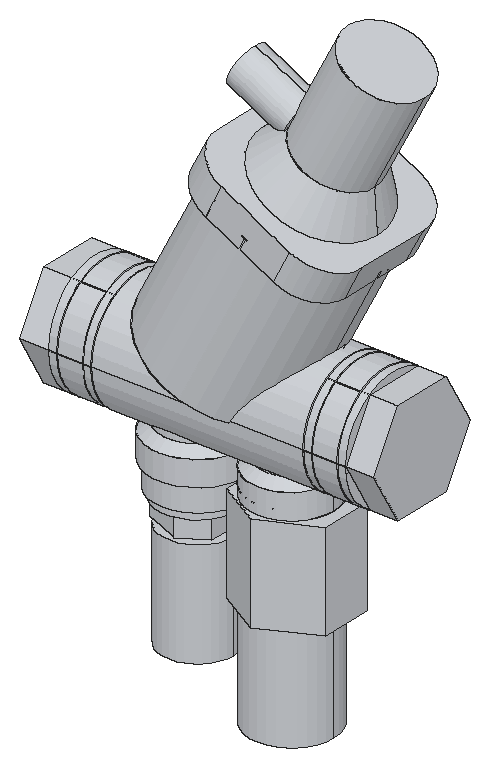
Revit family "PV_Compact_DN025_ 5-30_FF_měř-vyp_RFA_2018", category Pipe Accessories, Revit 2018
Family settings
  Round Connector Dimension = Use Diameter
  Part Type = Valve - Breaks Into
  Work Plane-Based = No
  Always vertical = Yes
  Cut with Voids When Loaded = No
  Shared = No
Parameters (values of type "PV Compact DN25 FF s měřením a vypouštěním ( 5-30kPa)")
  magiProductId = "40b783a088714ff8af367f7ba18a04"
  magiProductFamilyId = "88c57951ecb64b5d83dd1d4eb8fc72"
  magiPartTypeId = 304
  isMeasuringValve [instance] = no
  ang2D [instance] = 0.00°
  Z7 = 15 mm
  Z6 = 25.5 mm
  Z5 = 59.5 mm
  Z4 = 51 mm
  Z3 = 8.5 mm
  Z2 = 42.5 mm
  XR3 = 30 mm
  XR2 = 25 mm
  XR1 = 13 mm
  W2D = 15 mm
  VersionID = "2.0/2018.12.13.2/FRESE_PV_COMPACT_PLUG_Q13_001"
  Use Minimum Symbol Size [instance] = no
  URL = "www.hydronic.cz"
  Type Comments = "závitový s vnitřním závitem; s měřicí vsuvkou a vypouštěním; PN25; dpmax=450kPa; -10~+120°C"
  R5 = 5 mm
  R4 = 15 mm
  R3 = 10 mm
  R2 = 14 mm
  R1 = 19 mm
  QmdConnectorList = "301;D;302;D"
  Productdata [instance] = ""
  PH__ve = -PH  # -22.8 mm
  PH = 22.8 mm
  NL__ve = -NL  # -16.6 mm
  NL = 16.6 mm
  Manufacturer = "Hydronic Systems Prague s.r.o."
  MC Use Limits From Balancing Method = no
  MC Throttling Minimum Value = 0
  MC Throttling Maximum Value = 0
  MC Product Code = "53-3251 DN25; FF; nastavitelný rozsah dp=5~30kPa; Q=600~2100l/h;  kvs=4,0"
  MC Pressure Drop Minimum Value = 0.0 Pa
  MC Pressure Drop Maximum Value = 0.0 Pa
  MC Piping Given Pressure Drop [instance] = 0.0 Pa
  M5 = 34.9 mm
  M4 = 32.9 mm
  M3 = 26.9 mm
  M2 = 24.9 mm
  LP = 41.5 mm
  LM = 49.8 mm
  LL__ve = -LL  # -5.9 mm
  LLT__ve = -LLT  # -16.3 mm
  LLT = 16.3 mm
  LL2 = 34 mm
  LL = 5.9 mm
  L3 = 11 mm
  L2D_Min = 30.48 mm
  L2D = 65 mm
  Description = "Nastavitelný regulátor tlakové diference"
  DR1 = yes
  DR0 = no
  DL2 = 68 mm
  D = 25 mm
  CenSd_R2_6 = R2 * cos(30.00°)  # 12.124 mm
  CAT0 = yes
  C0D1 = yes
  C0D0 = no
Types (10, lengths in mm): name | magiProductId | Z6 | Z5 | Z4 | Z3 | Z2 | XR3 | XR2 | XR1 | R2 | R1 | PH__ve | PH | NL__ve | NL | MC Product Code | M5 | M4 | M3 | M2 | LP | LM | LL__ve | LLT__ve | LLT | LL2 | LL | L3 | DL2 | D | CenSd_R2_6
  PV Compact DN15 FF s měřením a vypouštěním (20-60kPa) | "ebd4dd38c61a47e78db1b31e427098" | 24.6 | 57.4 | 49.2 | 8.2 | 41 | 30 | 25 | 13 | 14 | 19 | -22.4 | 22.4 | -15 | 15 | "53-3243 DN15; FF; nastavitelný rozsah dp=20~60kPa; Q=100~1000l/h;  kvs=2,9" | 32.5 | 30.5 | 24.5 | 22.5 | 37.5 | 45 | -5.7 | -14.9 | 14.9 | 32 | 5.7 | 11 | 66 | 15 | 12.124
  PV Compact DN15 FF s měřením a vypouštěním ( 5-30kPa) | "1e13aaf8f1b54965adca1ab26bd771" | 24.6 | 57.4 | 49.2 | 8.2 | 41 | 30 | 25 | 13 | 14 | 19 | -22.4 | 22.4 | -15 | 15 | "53-3242 DN15; FF; nastavitelný rozsah dp=5~30kPa; Q=50~600l/h;  kvs=2,9" | 32.5 | 30.5 | 24.5 | 22.5 | 37.5 | 45 | -5.7 | -14.9 | 14.9 | 32 | 5.7 | 11 | 66 | 15 | 12.124
  PV Compact DN20 FF s měřením a vypouštěním (20-60kPa) | "6d4e29c475624129ae1d8630218e83" | 24.6 | 57.4 | 49.2 | 8.2 | 41 | 30 | 25 | 13 | 14 | 19 | -22.4 | 22.4 | -15.8 | 15.8 | "53-3245 DN20; FF; nastavitelný rozsah dp=20~60kPa; Q=150~2000l/h;  kvs=3,5" | 33.7 | 31.7 | 25.7 | 23.7 | 39.5 | 47.4 | -5.7 | -14.9 | 14.9 | 32 | 5.7 | 11 | 66 | 20 | 12.124
  PV Compact DN20 FF s měřením a vypouštěním ( 5-30kPa) | "3c7d936801344d2a9486b3d5f20c15" | 24.6 | 57.4 | 49.2 | 8.2 | 41 | 30 | 25 | 13 | 14 | 19 | -22.4 | 22.4 | -15.8 | 15.8 | "53-3244 DN20; FF; nastavitelný rozsah dp=5~30kPa; Q=100~1000l/h;  kvs=3,5" | 33.7 | 31.7 | 25.7 | 23.7 | 39.5 | 47.4 | -5.7 | -14.9 | 14.9 | 32 | 5.7 | 11 | 66 | 20 | 12.124
  PV Compact DN25 FF s měřením a vypouštěním ( 5-30kPa) | "40b783a088714ff8af367f7ba18a04" | 25.5 | 59.5 | 51 | 8.5 | 42.5 | 30 | 25 | 13 | 14 | 19 | -22.8 | 22.8 | -16.6 | 16.6 | "53-3251 DN25; FF; nastavitelný rozsah dp=5~30kPa; Q=600~2100l/h;  kvs=4,0" | 34.9 | 32.9 | 26.9 | 24.9 | 41.5 | 49.8 | -5.9 | -16.3 | 16.3 | 34 | 5.9 | 11 | 68 | 25 | 12.124
  PV Compact DN25L FF s měřením a vypouštěním (20-80kPa) | "7052257d0cc94620b8f60c4ac85ccd" | 40.2 | 93.8 | 80.4 | 13.4 | 67 | 42.5 | 37.5 | 25.5 | 26.5 | 31.5 | -23.6 | 23.6 | -20 | 20 | "53-3247 DN25; FF; nastavitelný rozsah dp=20~80kPa; Q=750~4200l/h;  kvs=8,7" | 40 | 38 | 32 | 30 | 50 | 60 | -6.3 | -19.1 | 19.1 | 38 | 6.3 | 11 | 72 | 25 | 22.95
  PV Compact DN25L FF s měřením a vypouštěním ( 5-30kPa) | "006ff7ff77e34fd39e52f3f4c37192" | 40.2 | 93.8 | 80.4 | 13.4 | 67 | 42.5 | 37.5 | 25.5 | 26.5 | 31.5 | -23.6 | 23.6 | -20 | 20 | "53-3246 DN25L; FF; nastavitelný rozsah dp=5~30kPa; Q=600~2500l/h;  kvs=8,7" | 40 | 38 | 32 | 30 | 50 | 60 | -6.3 | -19.1 | 19.1 | 38 | 6.3 | 11 | 72 | 25 | 22.95
  PV Compact DN32 FF s měřením a vypouštěním (20-80kPa) | "e53839f5e58040c69ad69dcf8b7122" | 40.2 | 93.8 | 80.4 | 13.4 | 67 | 42.5 | 37.5 | 25.5 | 26.5 | 31.5 | -24.6 | 24.6 | -20.8 | 20.8 | "53-3248 DN32; FF; nastavitelný rozsah dp=20~80kPa; Q=1000~5000l/h;  kvs=10,1" | 41.2 | 39.2 | 33.2 | 31.2 | 52 | 62.4 | -6.8 | -22.6 | 22.6 | 43 | 6.8 | 25 | 77 | 32 | 22.95
  PV Compact DN40 FF s měřením a vypouštěním (20-80kPa) | "edae53f0ee9843aa9c005a0dbc2db4" | 46.8 | 109.2 | 93.6 | 15.6 | 78 | 42.5 | 37.5 | 25.5 | 26.5 | 31.5 | -25.2 | 25.2 | -27.6 | 27.6 | "53-3249 DN40; FF; nastavitelný rozsah dp=20~80kPa; Q=3000~8000l/h;  kvs=15,8" | 51.4 | 49.4 | 43.4 | 41.4 | 69 | 82.8 | -7.1 | -24.7 | 24.7 | 46 | 7.1 | 25 | 80 | 40 | 22.95
  PV Compact DN50 FF s měřením a vypouštěním (20-80kPa) | "7572286e99104aaeaae4a504f9a6dd" | 46.8 | 109.2 | 93.6 | 15.6 | 78 | 42.5 | 37.5 | 25.5 | 35.25 | 31.5 | -26.4 | 26.4 | -27.6 | 27.6 | "53-3250 DN50; FF; nastavitelný rozsah dp=20~80kPa; Q=5000~11500l/h;  kvs=16,2" | 51.4 | 49.4 | 43.4 | 41.4 | 69 | 82.8 | -7.7 | -28.9 | 28.9 | 52 | 7.7 | 25 | 86 | 50 | 30.527
Reference planes
  plane 1 "Center (Front/Back)": y = 0
  plane 2 "XYPLANE": z = 0
  plane 3 "Center (Left/Right)": x = 0
  plane 4 "408": x = 41.5
  plane 5 "407": x = -41.5
  plane 6 "402": z = -68
  plane 7 "213": x = 11
  plane 8 "168": z = -12.3
  plane 9 "167": z = -14.3
  plane 10 "166": z = -20.2
  plane 11 "165": z = -26.1
  plane 12 "164": z = -28.1
  plane 13 "154": z = 0
  plane 14 "152": y = 0
  plane 15 "151": z = -34
  plane 16 "150": x = -11
  plane 17 "75": through (318.218, 0, 679.605) normal (0.891, 0, -0.454)
  plane 18 "74": x = 34.9
  plane 19 "73": x = 32.9
  plane 20 "72": x = 26.9
  plane 21 "71": x = 24.9
  plane 22 "70": x = -34.9
  plane 23 "69": x = -32.9
  plane 24 "68": x = -26.9
  plane 25 "67": y = 0
  plane 26 "66": through (-666.893, 0, 343.166) normal (0.454, 0, 0.891)
  plane 27 "65": x = -24.9
  plane 28 "64": through (335.147, 0, 670.979) normal (0.891, 0, -0.454)
  plane 29 "63": through (-648.96, 0, 378.361) normal (0.454, 0, 0.891)
  plane 30 "62": through (352.076, 0, 662.353) normal (0.891, 0, -0.454)
  plane 31 "61": y = 19
  plane 32 "60": y = -19
  plane 33 "59": through (-645.101, 0, 385.934) normal (0.454, 0, 0.891)
  plane 34 "58": through (-641.242, 0, 393.508) normal (0.454, 0, 0.891)
  plane 35 "57": through (313.763, 0, 681.875) normal (0.891, 0, -0.454)
  plane 36 "56": x = 0
  plane 37 "55": through (-668.255, 0, 340.493) normal (0.454, 0, 0.891)
  plane 38 "102XY": through (-668.255, 0, 340.493) normal (0.454, 0, 0.891)
  plane 39 "102XZ": y = 0
  plane 40 "102YZ": through (340.493, 0, 668.255) normal (0.891, 0, -0.454)
Forms (mm)
  Extrusion 1, solid
    sketch origin (41.5, -750, 0) x (0, 1, 0) y (0, 0, 1)
      loop
        line (764, 0) -> (757, 12.124) -> (743, 12.124) -> (736, 0) -> (743, -12.124) -> (757, -12.124) -> (764, 0)
    from 0 to -16.6 <- "NL__ve"
  Extrusion 2, solid
    sketch origin (-41.5, -750, 0) x (0, 1, 0) y (0, 0, 1)
      loop
        line (736, 0) -> (743, -12.124) -> (757, -12.124) -> (764, 0) -> (757, 12.124) -> (743, 12.124) -> (736, 0)
    from 0 to 16.6 <- "NL"
  Extrusion 3, solid, visible <- "C0D1"
    sketch origin (-750, 0, -68) x (1, 0, 0) y (0, 1, 0)
      loop
        circle (761, 0) r 10
    from 0 to 50
  Extrusion 4, solid, visible <- "DR1"
    sketch origin (-750, 0, -20.2) x (1, 0, 0) y (0, 1, 0)
      loop
        line (761, -12) -> (773.792, -6) -> (773.792, 6) -> (761, 12) -> (750.608, 6) -> (750.608, -6) -> (761, -12)
    from 0 to -22.8 <- "PH__ve"
  Extrusion 5, solid, visible <- "DR1"
    sketch origin (-750, 0, -20.2) x (1, 0, 0) y (0, 1, 0)
      loop
        circle (761, 0) r 10
    from 0 to 5.9 <- "LL"
  Blend 6, solid, visible <- "DR1"
    base sketch origin (-750, 0, -12.3) x (1, 0, 0) y (0, 1, 0)
      loop
        circle (761, 0) r 7.5
    top sketch origin (-750, 0, -12.3) x (1, 0, 0) y (0, 1, 0)
      loop
        circle (761, 0) r 10
    from 0 to -2
  Extrusion 7, solid, visible <- "DR1"
    sketch origin (-750, 0, 0) x (1, 0, 0) y (0, 1, 0)
      loop
        circle (761, 0) r 7.5
    from 0 to -16.3 <- "LLT__ve"
  Extrusion 8, solid, visible <- "C0D0"
    sketch origin (-750, 0, -34) x (1, 0, 0) y (0, 1, 0)
      loop
        circle (761, 0) r 6
    from 0 to -25
  Extrusion 9, solid, visible <- "DR0"
    sketch origin (-750, 0, -28.1) x (1, 0, 0) y (0, 1, 0)
      loop
        line (761, -7) -> (769.462, -3.5) -> (769.462, 3.5) -> (761, 7) -> (754.938, 3.5) -> (754.938, -3.5) -> (761, -7)
    from 0 to -5.9 <- "LL__ve"
  Extrusion 10, solid, visible <- "DR0"
    sketch origin (-750, 0, -28.1) x (1, 0, 0) y (0, 1, 0)
      loop
        circle (761, 0) r 7
    from 0 to 2
  Extrusion 11, solid, visible <- "DR0"
    sketch origin (-750, 0, -20.2) x (1, 0, 0) y (0, 1, 0)
      loop
        circle (761, 0) r 9
    from 0 to 5.9 <- "LL"
  Blend 12, solid, visible <- "DR0"
    base sketch origin (-750, 0, -12.3) x (1, 0, 0) y (0, 1, 0)
      loop
        circle (761, 0) r 6.5
    top sketch origin (-750, 0, -12.3) x (1, 0, 0) y (0, 1, 0)
      loop
        circle (761, 0) r 9
    from 0 to -2
  Extrusion 13, solid, visible <- "DR0"
    sketch origin (-750, 0, 0) x (1, 0, 0) y (0, 1, 0)
      loop
        circle (761, 0) r 6.5
    from 0 to -16.3 <- "LLT__ve"
  Extrusion 14, solid, visible <- "DR0"
    sketch origin (-750, 0, 0) x (1, 0, 0) y (0, 1, 0)
      loop
        circle (761, 0) r 6.5
    from 0 to -16.3 <- "LLT__ve"
  Blend 15, solid, visible <- "DR0"
    base sketch origin (-750, 0, -12.3) x (1, 0, 0) y (0, 1, 0)
      loop
        circle (761, 0) r 6.5
    top sketch origin (-750, 0, -12.3) x (1, 0, 0) y (0, 1, 0)
      loop
        circle (761, 0) r 9
    from 0 to -2
  Extrusion 16, solid, visible <- "DR0"
    sketch origin (-750, 0, -20.2) x (1, 0, 0) y (0, 1, 0)
      loop
        circle (761, 0) r 9
    from 0 to 5.9 <- "LL"
  Extrusion 17, solid, visible <- "DR0"
    sketch origin (-750, 0, -26.1) x (1, 0, 0) y (0, 1, 0)
      loop
        circle (761, 0) r 8
    from 0 to 5.9 <- "LL"
  Extrusion 18, solid, visible <- "DR0"
    sketch origin (-750, 0, -28.1) x (1, 0, 0) y (0, 1, 0)
      loop
        circle (761, 0) r 7
    from 0 to 2
  Extrusion 19, solid, visible <- "DR0"
    sketch origin (-750, 0, -28.1) x (1, 0, 0) y (0, 1, 0)
      loop
        line (761, -7) -> (769.462, -3.5) -> (769.462, 3.5) -> (761, 7) -> (754.938, 3.5) -> (754.938, -3.5) -> (761, -7)
    from 0 to -5.9 <- "LL__ve"
  Extrusion 20, solid, visible <- "C0D0"
    sketch origin (-750, 0, -34) x (1, 0, 0) y (0, 1, 0)
      loop
        circle (761, 0) r 6
    from 0 to -25
  Extrusion 21, solid, visible <- "CAT0"
    sketch origin (-750, 0, -34) x (1, 0, 0) y (0, 1, 0)
      loop
        circle (739, 0) r 8.4
    from 0 to -25
  Extrusion 22, solid
    sketch origin (-750, 0, -28.1) x (1, 0, 0) y (0, 1, 0)
      loop
        line (739, -7) -> (745.062, -3.5) -> (745.062, 3.5) -> (739, 7) -> (730.538, 3.5) -> (730.538, -3.5) -> (739, -7)
    from 0 to -5.9 <- "LL__ve"
  Extrusion 23, solid
    sketch origin (-750, 0, -28.1) x (1, 0, 0) y (0, 1, 0)
      loop
        circle (739, 0) r 9.4
    from 0 to 2
  Extrusion 24, solid
    sketch origin (-750, 0, -26.1) x (1, 0, 0) y (0, 1, 0)
      loop
        circle (739, 0) r 10.4
    from 0 to 5.9 <- "LL"
  Extrusion 25, solid
    sketch origin (-750, 0, -20.2) x (1, 0, 0) y (0, 1, 0)
      loop
        circle (739, 0) r 11.4
    from 0 to 5.9 <- "LL"
  Blend 26, solid
    base sketch origin (-750, 0, -12.3) x (1, 0, 0) y (0, 1, 0)
      loop
        circle (739, 0) r 8.9
    top sketch origin (-750, 0, -12.3) x (1, 0, 0) y (0, 1, 0)
      loop
        circle (739, 0) r 11.4
    from 0 to -2
  Extrusion 27, solid
    sketch origin (-750, 0, 0) x (1, 0, 0) y (0, 1, 0)
      loop
        circle (739, 0) r 8.9
    from 0 to -16.3 <- "LLT__ve"
  Blend 28, solid, visible <- "CAT0"
    base sketch origin (32.9, -750, 0) x (0, 1, 0) y (0, 0, 1)
      loop
        circle (750, 0) r 14
    top sketch origin (32.9, -750, 0) x (0, 1, 0) y (0, 0, 1)
      loop
        circle (750, 0) r 14
    from 0 to 2
  Extrusion 29, solid, visible <- "CAT0"
    sketch origin (26.9, -750, 0) x (0, 1, 0) y (0, 0, 1)
      loop
        circle (750, 0) r 14
    from 0 to 6
  Blend 30, solid, visible <- "CAT0"
    base sketch origin (24.9, -750, 0) x (0, 1, 0) y (0, 0, 1)
      loop
        circle (750, 0) r 14
    top sketch origin (24.9, -750, 0) x (0, 1, 0) y (0, 0, 1)
      loop
        circle (750, 0) r 14
    from 0 to 2
  Blend 31, solid, visible <- "CAT0"
    base sketch origin (-32.9, -750, 0) x (0, 1, 0) y (0, 0, 1)
      loop
        circle (750, 0) r 14
    top sketch origin (-32.9, -750, 0) x (0, 1, 0) y (0, 0, 1)
      loop
        circle (750, 0) r 14
    from 0 to -2
  Extrusion 32, solid, visible <- "CAT0"
    sketch origin (-32.9, -750, 0) x (0, 1, 0) y (0, 0, 1)
      loop
        circle (750, 0) r 14
    from 0 to 6
  Blend 33, solid, visible <- "CAT0"
    base sketch origin (-26.9, -750, 0) x (0, 1, 0) y (0, 0, 1)
      loop
        circle (750, 0) r 14
    top sketch origin (-26.9, -750, 0) x (0, 1, 0) y (0, 0, 1)
      loop
        circle (750, 0) r 14
    from 0 to 2
  Extrusion 34, solid, visible <- "CAT0"
    sketch origin (-24.9, -750, 0) x (0, 1, 0) y (0, 0, 1)
      loop
        circle (750, 0) r 14
    from 0 to 49.8 <- "LM"
  Extrusion 35, solid, visible <- "CAT0"
    sketch origin (-666.893, 0, 343.166) x (0.891007, 0, -0.45399) y (0, 1, 0)
      loop
        circle (744, 0) r 19
    from 0 to 42.5 <- "Z2"
  Extrusion 36, solid, visible <- "CAT0"
    sketch origin (-648.96, 0, 378.361) x (0.891007, 0, -0.45399) y (0, 1, 0)
      loop
        arc (735, 19) -> (727.929, 16.071) -> (725, 9) r 10
        line (725, 9) -> (725, -9)
        arc (725, -9) -> (727.929, -16.071) -> (735, -19) r 10
        line (735, -19) -> (753, -19)
        arc (753, -19) -> (760.071, -16.071) -> (763, -9) r 10
        line (763, -9) -> (763, 9)
        arc (763, 9) -> (760.071, 16.071) -> (753, 19) r 10
        line (753, 19) -> (735, 19)
    from 0 to 8.5 <- "Z3"
  Blend 37, solid, visible <- "CAT0"
    base sketch origin (-645.101, 0, 385.934) x (0.891007, 0, -0.45399) y (0, 1, 0)
      loop
        circle (744, 0) r 15
    top sketch origin (-645.101, 0, 385.934) x (0.891007, 0, -0.45399) y (0, 1, 0)
      loop
        circle (744, 0) r 10
    from 0 to 8.5
  Extrusion 38, solid, visible <- "CAT0"
    sketch origin (-641.242, 0, 393.508) x (0.891007, 0, -0.45399) y (0, 1, 0)
      loop
        circle (744, 0) r 10
    from 0 to 25.5 <- "Z6"
  Extrusion 39, solid, visible <- "CAT0"
    sketch origin (313.763, 0, 681.875) x (-0.45399, 0, -0.891007) y (0, 1, 0)
      loop
        circle (690.5, 0) r 5
    from 0 to 15 <- "Z7"
  Blend 40, solid, visible <- "CAT0"
    base sketch origin (-668.255, 0, 340.493) x (0.891007, 0, -0.45399) y (0, 1, 0)
      loop
        circle (744, 0) r 15
    top sketch origin (-668.255, 0, 340.493) x (0.891007, 0, -0.45399) y (0, 1, 0)
      loop
        circle (744, 0) r 19
    from 0 to 3
  Extrusion 41, solid, not visible
    sketch origin (-34.9, -750, 0) x (0, 1, 0) y (0, 0, 1)
      loop
        circle (750, 0) r 10
    from 0 to 10
  Extrusion 42, solid, not visible
    sketch origin (34.9, -750, 0) x (0, 1, 0) y (0, 0, 1)
      loop
        circle (750, 0) r 10
    from 0 to -10
Lines and regions (mm)
  reference lines, not visible
    curve 1: circle (2, 2, 0) r 1 normal (0, 0, 1)
  reference lines
    curve 2: line (41.5, 0, 0) -> (41.5, -3.5, 6.062)
    curve 3: line (41.5, 0, 0) -> (41.5, -7, 0)
    curve 4: line (41.5, 0, 0) -> (41.5, -3.5, -6.062)
    curve 5: line (-41.5, 0, 0) -> (-41.5, 3.5, 6.062)
    curve 6: line (-41.5, 0, 0) -> (-41.5, 7, 0)
    curve 7: line (-41.5, 0, 0) -> (-41.5, 3.5, -6.062)
Dimensions and locks
  plane 1 "Center (Front/Back)" to curve 1 = 2 mm
  "LP": plane 36 "56" to plane 4 "408"
  "LP": plane 36 "56" to plane 5 "407"
  "DL2": plane 2 "XYPLANE" to plane 6 "402"
  "L3": plane 3 "Center (Left/Right)" to plane 7 "213"
  locked: plane 9 "167" to plane 8 "168" at 2
  "LL": plane 10 "166" to plane 9 "167"
  "LL": plane 11 "165" to plane 10 "166"
  locked: plane 12 "164" to plane 11 "165" at 2
  "LL": plane 15 "151" to plane 12 "164"
  locked: plane 2 "XYPLANE" to plane 13 "154"
  locked: plane 1 "Center (Front/Back)" to plane 14 "152"
  "LL2": plane 2 "XYPLANE" to plane 15 "151"
  "L3": plane 3 "Center (Left/Right)" to plane 16 "150"
  "XR2": plane 40 "102YZ" to plane 17 "75"
  "M5": plane 3 "Center (Left/Right)" to plane 18 "74"
  "M4": plane 3 "Center (Left/Right)" to plane 19 "73"
  "M3": plane 3 "Center (Left/Right)" to plane 20 "72"
  "M2": plane 3 "Center (Left/Right)" to plane 21 "71"
  "M5": plane 3 "Center (Left/Right)" to plane 22 "70"
  "M4": plane 3 "Center (Left/Right)" to plane 23 "69"
  "M3": plane 3 "Center (Left/Right)" to plane 24 "68"
  locked: plane 14 "152" to plane 25 "67"
  locked: plane 38 "102XY" to plane 26 "66" at 3
  "M2": plane 3 "Center (Left/Right)" to plane 27 "65"
  locked: plane 40 "102YZ" to plane 28 "64" at 6
  "Z2": plane 38 "102XY" to plane 29 "63"
  "XR1": plane 40 "102YZ" to plane 30 "62"
  "R1": plane 14 "152" to plane 31 "61"
  "R1": plane 14 "152" to plane 32 "60"
  "Z4": plane 38 "102XY" to plane 33 "59"
  "Z5": plane 38 "102XY" to plane 34 "58"
  "XR3": plane 40 "102YZ" to plane 35 "57"
  locked: plane 3 "Center (Left/Right)" to plane 36 "56"
  locked: plane 38 "102XY" to plane 37 "55"
  "CenSd_R2_6": curve 2 to Extrusion 1 sketch curve  (x2)
  "CenSd_R2_6": curve 3 to Extrusion 1 sketch curve  (x2)
  "CenSd_R2_6": curve 4 to Extrusion 1 sketch curve  (x2)
  Extrusion 1 sketch curve to Extrusion 1 sketch curve = 0 mm  (x12)
  "CenSd_R2_6": curve 5 to Extrusion 2 sketch curve  (x2)
  "CenSd_R2_6": curve 6 to Extrusion 2 sketch curve  (x2)
  "CenSd_R2_6": curve 7 to Extrusion 2 sketch curve  (x2)
  Extrusion 2 sketch curve to Extrusion 2 sketch curve = 0 mm  (x12)
  Extrusion 4 sketch curve to Extrusion 4 sketch curve = 0 mm  (x12)
  Extrusion 9 sketch curve to Extrusion 9 sketch curve = 0 mm  (x12)
  Extrusion 19 sketch curve to Extrusion 19 sketch curve = 0 mm  (x12)
  Extrusion 22 sketch curve to Extrusion 22 sketch curve = 0 mm  (x12)
  Extrusion 36 sketch curve to Extrusion 36 sketch curve = 0 mm  (x16)
  "R2": radius of Blend 28 sketch curve  (x2)
  "R2": radius of Extrusion 29 sketch curve
  "R2": radius of Blend 30 sketch curve  (x2)
  "R2": radius of Blend 31 sketch curve  (x2)
  "R2": radius of Extrusion 32 sketch curve
  "R2": radius of Blend 33 sketch curve  (x2)
  "R2": radius of Extrusion 34 sketch curve
  "R1": radius of Extrusion 35 sketch curve
  radius of Extrusion 36 sketch curve = 10 mm  (x4)
  "R3": radius of Blend 37 sketch curve
  "R4": radius of Blend 37 sketch curve
  "R3": radius of Extrusion 38 sketch curve
  "R5": radius of Extrusion 39 sketch curve
  "R1": radius of Blend 40 sketch curve
  locked: curve 3 to curve 2 (angle 60.00°)
  locked: curve 4 to curve 3 (angle 60.00°)
  locked: curve 4 to curve 2 (angle 120.00°)
  locked: curve 6 to curve 5 (angle 60.00°)
  locked: curve 7 to curve 6 (angle 60.00°)
  locked: curve 7 to curve 5 (angle 120.00°)
  aligned and locked: level to plane 2 "XYPLANE"
  aligned and locked: plane 13 "154" to curve 4
  aligned and locked: curve 4 to plane 14 "152"
  aligned and locked: plane 13 "154" to curve 7
  aligned and locked: curve 7 to plane 14 "152"
  aligned and locked: plane 7 "213" to Extrusion 3 sketch curve
  aligned and locked: plane 14 "152" to Extrusion 3 sketch curve
  aligned and locked: plane 7 "213" to Extrusion 5 sketch curve
  aligned and locked: plane 14 "152" to Extrusion 5 sketch curve
  aligned and locked: plane 7 "213" to Blend 6 sketch curve  (x2)
  aligned and locked: plane 14 "152" to Blend 6 sketch curve  (x2)
  aligned and locked: Blend 6 to plane 9 "167"
  aligned and locked: plane 7 "213" to Extrusion 7 sketch curve
  aligned and locked: plane 14 "152" to Extrusion 7 sketch curve
  aligned and locked: plane 7 "213" to Extrusion 8 sketch curve
  aligned and locked: plane 14 "152" to Extrusion 8 sketch curve
  aligned and locked: plane 7 "213" to Extrusion 10 sketch curve
  aligned and locked: plane 14 "152" to Extrusion 10 sketch curve
  aligned and locked: plane 7 "213" to Extrusion 11 sketch curve
  aligned and locked: plane 14 "152" to Extrusion 11 sketch curve
  aligned and locked: plane 7 "213" to Blend 12 sketch curve  (x2)
  aligned and locked: plane 14 "152" to Blend 12 sketch curve  (x2)
  aligned and locked: Blend 12 to plane 9 "167"
  aligned and locked: plane 7 "213" to Extrusion 13 sketch curve
  aligned and locked: plane 14 "152" to Extrusion 13 sketch curve
  aligned and locked: plane 7 "213" to Extrusion 14 sketch curve
  aligned and locked: plane 14 "152" to Extrusion 14 sketch curve
  aligned and locked: plane 7 "213" to Blend 15 sketch curve  (x2)
  aligned and locked: plane 14 "152" to Blend 15 sketch curve  (x2)
  aligned and locked: Blend 15 to plane 9 "167"
  aligned and locked: plane 7 "213" to Extrusion 16 sketch curve
  aligned and locked: plane 14 "152" to Extrusion 16 sketch curve
  aligned and locked: plane 7 "213" to Extrusion 17 sketch curve
  aligned and locked: plane 14 "152" to Extrusion 17 sketch curve
  aligned and locked: plane 7 "213" to Extrusion 18 sketch curve
  aligned and locked: plane 14 "152" to Extrusion 18 sketch curve
  aligned and locked: plane 7 "213" to Extrusion 20 sketch curve
  aligned and locked: plane 14 "152" to Extrusion 20 sketch curve
  aligned and locked: plane 14 "152" to Extrusion 21 sketch curve
  aligned and locked: plane 16 "150" to Extrusion 21 sketch curve
  aligned and locked: plane 14 "152" to Extrusion 23 sketch curve
  aligned and locked: plane 16 "150" to Extrusion 23 sketch curve
  aligned and locked: plane 14 "152" to Extrusion 24 sketch curve
  aligned and locked: plane 16 "150" to Extrusion 24 sketch curve
  aligned and locked: plane 14 "152" to Extrusion 25 sketch curve
  aligned and locked: plane 16 "150" to Extrusion 25 sketch curve
  aligned and locked: plane 14 "152" to Blend 26 sketch curve  (x2)
  aligned and locked: plane 16 "150" to Blend 26 sketch curve  (x2)
  aligned and locked: Blend 26 to plane 9 "167"
  aligned and locked: plane 14 "152" to Extrusion 27 sketch curve
  aligned and locked: plane 16 "150" to Extrusion 27 sketch curve
  aligned and locked: plane 13 "154" to Blend 28 sketch curve  (x2)
  aligned and locked: Blend 28 sketch curve to plane 14 "152"  (x2)
  aligned and locked: plane 18 "74" to Blend 28
  aligned and locked: plane 13 "154" to Extrusion 29 sketch curve
  aligned and locked: Extrusion 29 sketch curve to plane 14 "152"
  aligned and locked: plane 13 "154" to Blend 30 sketch curve  (x2)
  aligned and locked: Blend 30 sketch curve to plane 14 "152"  (x2)
  aligned and locked: plane 20 "72" to Blend 30
  aligned and locked: plane 13 "154" to Blend 31 sketch curve  (x2)
  aligned and locked: Blend 31 sketch curve to plane 14 "152"  (x2)
  aligned and locked: Blend 31 to plane 22 "70"
  aligned and locked: plane 13 "154" to Extrusion 32 sketch curve
  aligned and locked: Extrusion 32 sketch curve to plane 14 "152"
  aligned and locked: plane 13 "154" to Blend 33 sketch curve  (x2)
  aligned and locked: Blend 33 sketch curve to plane 14 "152"  (x2)
  aligned and locked: plane 27 "65" to Blend 33
  aligned and locked: plane 13 "154" to Extrusion 34 sketch curve
  aligned and locked: Extrusion 34 sketch curve to plane 14 "152"
  aligned and locked: plane 25 "67" to Extrusion 35 sketch curve
  aligned and locked: Extrusion 35 sketch curve to plane 28 "64"
  aligned and locked: Extrusion 36 sketch curve to plane 17 "75"
  aligned and locked: Extrusion 36 sketch curve to plane 32 "60"
  aligned and locked: Extrusion 36 sketch curve to plane 30 "62"
  aligned and locked: plane 31 "61" to Extrusion 36 sketch curve
  aligned and locked: plane 25 "67" to Blend 37 sketch curve  (x2)
  aligned and locked: Blend 37 sketch curve to plane 28 "64"  (x2)
  aligned and locked: plane 34 "58" to Blend 37
  aligned and locked: plane 25 "67" to Extrusion 38 sketch curve
  aligned and locked: Extrusion 38 sketch curve to plane 28 "64"
  aligned and locked: plane 25 "67" to Extrusion 39 sketch curve
  aligned and locked: plane 34 "58" to Extrusion 39 sketch curve
  aligned and locked: plane 25 "67" to Blend 40 sketch curve  (x2)
  aligned and locked: Blend 40 sketch curve to plane 28 "64"  (x2)
  aligned and locked: plane 26 "66" to Blend 40
  aligned and locked: plane 13 "154" to Extrusion 41 sketch curve
  aligned and locked: Extrusion 41 sketch curve to plane 14 "152"
  aligned and locked: plane 13 "154" to Extrusion 42 sketch curve
  aligned and locked: Extrusion 42 sketch curve to plane 14 "152"
Automatic sketch dimensions
  plane 3 "Center (Left/Right)" to Extrusion 3 sketch curve = 1 mm
  Extrusion 4 sketch curve to plane 7 "213" = 0 mm  (x2)
  plane 3 "Center (Left/Right)" to Extrusion 4 sketch curve = 0.608 mm
  Extrusion 4 sketch curve to plane 21 "71" = 1.108 mm
  plane 32 "60" to Extrusion 4 sketch curve = 7 mm
  plane 1 "Center (Front/Back)" to Extrusion 4 sketch curve = 6 mm  (x2)
  Extrusion 4 sketch curve to plane 1 "Center (Front/Back)" = 6 mm  (x2)
  Extrusion 4 sketch curve to plane 31 "61" = 7 mm
  plane 3 "Center (Left/Right)" to Extrusion 5 sketch curve = 1 mm
  plane 3 "Center (Left/Right)" to Blend 6 sketch curve = 3.5 mm
  plane 3 "Center (Left/Right)" to Blend 6 sketch curve = 1 mm
  plane 3 "Center (Left/Right)" to Extrusion 7 sketch curve = 3.5 mm
  plane 3 "Center (Left/Right)" to Extrusion 8 sketch curve = 5 mm
  Extrusion 9 sketch curve to plane 7 "213" = 0 mm  (x2)
  plane 3 "Center (Left/Right)" to Extrusion 9 sketch curve = 4.938 mm
  Extrusion 9 sketch curve to plane 21 "71" = 5.438 mm
  plane 1 "Center (Front/Back)" to Extrusion 9 sketch curve = 7 mm
  plane 1 "Center (Front/Back)" to Extrusion 9 sketch curve = 3.5 mm  (x2)
  Extrusion 9 sketch curve to plane 1 "Center (Front/Back)" = 3.5 mm  (x2)
  Extrusion 9 sketch curve to Extrusion 9 sketch curve = 3.5 mm
  plane 3 "Center (Left/Right)" to Extrusion 10 sketch curve = 4 mm
  plane 3 "Center (Left/Right)" to Extrusion 11 sketch curve = 2 mm
  plane 3 "Center (Left/Right)" to Blend 12 sketch curve = 4.5 mm
  plane 3 "Center (Left/Right)" to Blend 12 sketch curve = 2 mm
  plane 3 "Center (Left/Right)" to Extrusion 13 sketch curve = 4.5 mm
  plane 3 "Center (Left/Right)" to Extrusion 14 sketch curve = 4.5 mm
  plane 3 "Center (Left/Right)" to Blend 15 sketch curve = 4.5 mm
  plane 3 "Center (Left/Right)" to Blend 15 sketch curve = 2 mm
  plane 3 "Center (Left/Right)" to Extrusion 16 sketch curve = 2 mm
  plane 3 "Center (Left/Right)" to Extrusion 17 sketch curve = 3 mm
  plane 3 "Center (Left/Right)" to Extrusion 18 sketch curve = 4 mm
  Extrusion 19 sketch curve to plane 7 "213" = 0 mm  (x2)
  plane 3 "Center (Left/Right)" to Extrusion 19 sketch curve = 4.938 mm
  Extrusion 19 sketch curve to plane 21 "71" = 5.438 mm
  plane 1 "Center (Front/Back)" to Extrusion 19 sketch curve = 7 mm
  plane 1 "Center (Front/Back)" to Extrusion 19 sketch curve = 3.5 mm  (x2)
  Extrusion 19 sketch curve to plane 1 "Center (Front/Back)" = 3.5 mm  (x2)
  Extrusion 19 sketch curve to Extrusion 19 sketch curve = 3.5 mm
  plane 3 "Center (Left/Right)" to Extrusion 20 sketch curve = 5 mm
  plane 27 "65" to Extrusion 21 sketch curve = 5.5 mm
  Extrusion 22 sketch curve to plane 16 "150" = 0 mm  (x2)
  plane 27 "65" to Extrusion 22 sketch curve = 5.438 mm
  Extrusion 22 sketch curve to plane 3 "Center (Left/Right)" = 4.938 mm
  plane 1 "Center (Front/Back)" to Extrusion 22 sketch curve = 7 mm
  plane 1 "Center (Front/Back)" to Extrusion 22 sketch curve = 3.5 mm  (x2)
  Extrusion 22 sketch curve to plane 1 "Center (Front/Back)" = 3.5 mm  (x2)
  Extrusion 22 sketch curve to Extrusion 22 sketch curve = 3.5 mm
  plane 27 "65" to Extrusion 23 sketch curve = 4.5 mm
  plane 27 "65" to Extrusion 24 sketch curve = 3.5 mm
  plane 27 "65" to Extrusion 25 sketch curve = 2.5 mm
  plane 27 "65" to Blend 26 sketch curve = 5 mm
  plane 27 "65" to Blend 26 sketch curve = 2.5 mm
  plane 27 "65" to Extrusion 27 sketch curve = 5 mm
  plane 17 "75" to Blend 40 sketch curve = 4 mm
  plane 32 "60" to Extrusion 41 sketch curve = 9 mm
  plane 32 "60" to Extrusion 42 sketch curve = 9 mm
  plane 3 "Center (Left/Right)" to curve 1 = 2 mm
  radius of curve 1 = 1 mm
Connectors
  piping at (-34.9, 0, 0), diameter 25, driven by "D"
    settings: on Extrusion 41, index 1, connector inside diameter 609.6 mm, connector length 0 mm, flow factor 0, pipe flow 0.0 L/s, pressure drop 0.0 Pa, fitting loss kfactor 0, connector angle 0.00°, fixture units 0, engagement length 0 mm, angle of deflection 0.00°, flow configuration 0, flow direction 0, fitting loss method 0, system type 29, joint type 0, gender type 0, connector reference index 2, connector utility 0, adjustable connector no, is connector primary yes, connector description ""
  piping at (34.9, 0, 0), diameter 25, driven by "D"
    settings: on Extrusion 42, index 2, connector inside diameter 609.6 mm, connector length 0 mm, flow factor 0, pipe flow 0.0 L/s, pressure drop 0.0 Pa, fitting loss kfactor 0, connector angle 0.00°, fixture units 0, engagement length 0 mm, angle of deflection 0.00°, flow configuration 0, flow direction 0, fitting loss method 0, system type 29, joint type 0, gender type 0, connector reference index 1, connector utility 0, adjustable connector no, is connector primary no, connector description ""
